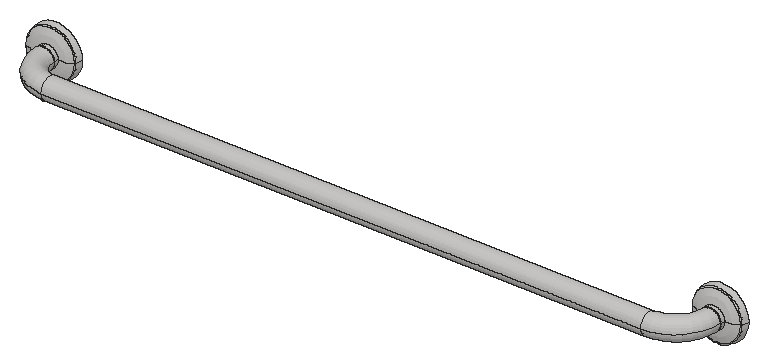
Revit family "Grab Rail_Metlam_Straight_Horizontal", category Specialty Equipment, Revit 2016
Family settings
  Part Type = Normal
  Round Connector Dimension = Use Diameter
  OmniClass Number = 23.40.20.21.47
  OmniClass Title = Bath Grab Bars
  Work Plane-Based = No
  Always vertical = Yes
  Cut with Voids When Loaded = No
  Shared = No
  Room Calculation Point = Yes
Parameters (values of type "1032long x 90d x 32h (ML334_1SS)")
  URL = "http://www.metlam.com.au/"
  Type Comments = "Grab Rails"  # constant formula
  Model = "ML334_1SS"
  Material_ANZRS = z_Metlam_Metal_Stainless Steel_Satin
  Manufacturer_URL__Product Specific = "http://www.metlam.com.au/product/content/grab-rails/ML327-ML336-Series"
  Manufacturer_Spec Code = Model  # "ML334_1SS"
  Manufacturer_Length = 1000 mm
  Manufacturer_Height From FFL [instance] = 800 mm
  Manufacturer_Height = 78 mm  # constant formula
  Manufacturer_Depth = Depth  # 90 mm
  Manufacturer = "Metlam"  # constant formula
  Length = Manufacturer_Length + 32 mm  # 1032 mm
  Keynote = ""
  Height = 32 mm  # constant formula
  Description = "Straight Grab Rail"  # constant formula
  Depth = 90 mm  # constant formula
  CreatedBy_ANZRS = "IGS BIM Solutions"  # constant formula
  CreatedByURL_ANZRS = "http://www.igsgroup.com.au/"
  Assembly Code = ""
Types (10, lengths in mm): name | Model | Manufacturer_Spec Code | Manufacturer_Length | Length
  1532long x 90d x 32h (ML336SS) | "ML336SS" | "ML336SS" | 1500 | 1532
  1232long x 90d x 32h (ML335SS) | "ML335SS" | "ML335SS" | 1200 | 1232
  1032long x 90d x 32h (ML334_1SS) | "ML334_1SS" | "ML334_1SS" | 1000 | 1032
  932long x 90d x 32h (ML333_1SS) | "ML333_1SS" | "ML333_1SS" | 900 | 932
  782long x 90d x 32h (ML332SS) | "ML332SS" | "ML332SS" | 750 | 782
  632long x 90d x 32h (ML331_1SS) | "ML331_1SS" | "ML331_1SS" | 600 | 632
  482long x 90d x 32h (ML330_1SS) | "ML330_1SS" | "ML330_1SS" | 450 | 482
  432long x 90d x 32h (ML329SS) | "ML329SS" | "ML329SS" | 400 | 432
  382long x 90d x 32h (ML328SS) | "ML328SS" | "ML328SS" | 350 | 382
  332long x 90d x 32h (ML327_1SS) | "ML327_1SS" | "ML327_1SS" | 300 | 332
Reference planes
  plane 1 "Back": y = 0
  plane 2 "Ref. Level": z = 0
  plane 3 "Left": x = 0
  plane 4 "Wall Mount_Centre (Elevation)": z = 784
  plane 5 "Front": y = -90
  plane 6 "Rail_Back": y = -58
  plane 7 "Mounting Height": z = 800
  plane 8 "Rail_Bottom": z = 768
  plane 9 "Centre (Left/Right)": x = 539
  plane 10 "Right": x = 1078
  plane 11 "Left Wall Mount_Centre (Left/Right)": x = 39
  plane 12 "Rail_Left": x = 23
  plane 13 "Rail_Inside Left": x = 55
  plane 14 "Right Wall Mount_Centre (Left/Right)": x = 1039
  plane 15 "Rail_Right": x = 1055
  plane 16 "Rail_Inside Right": x = 1023
  plane 17 "Top": z = 823
  plane 18 "Bottom": z = 745
Forms (mm)
  Sweep 1, solid, material "z_Metlam_Metal_Stainless Steel_Satin" <- "Material_ANZRS"
    path origin (0, 0, 784) x (-1, 0, 0) y (0, -1, 0)
      loop
        line (-39, 23) -> (-39, 24)
        arc (-39, 24) -> (-53.645, 59.355) -> (-89, 74) r 50
        line (-89, 74) -> (-989, 74)
        arc (-989, 74) -> (-1024.355, 59.355) -> (-1039, 24) r 50
        line (-1039, 24) -> (-1039, 23)
    profile origin (539, -74, 784) x (0, 1, 0) y (0, 0, 1)
      loop
        circle (0, 0) r 16
  Revolve 2, solid, material "z_Metlam_Metal_Stainless Steel_Satin" <- "Material_ANZRS"
    sketch origin (0, 0, 784) x (-1, 0, 0) y (0, -1, 0)
      loop
        line (-1023, 16.007) -> (-1023, 23) -> (-1039, 23) -> (-1039, 0) -> (-1000, 0) -> (-1001.813, 9.065)
        arc (-1001.813, 9.065) -> (-1002.179, 9.878) -> (-1002.862, 10.452) r 2
        arc (-1002.862, 10.452) -> (-1012.646, 14.263) -> (-1023, 16.007) r 51.397
      axis (-1039, 23) -> (-1039, 0)
    angle from 0 to 360
  Revolve 3, solid, material "z_Metlam_Metal_Stainless Steel_Satin" <- "Material_ANZRS"
    sketch origin (0, 0, 784) x (-1, 0, 0) y (0, -1, 0)
      loop
        arc (-55, 16.007) -> (-65.354, 14.263) -> (-75.138, 10.452) r 51.397
        arc (-75.138, 10.452) -> (-75.821, 9.878) -> (-76.187, 9.065) r 2
        line (-76.187, 9.065) -> (-78, 0) -> (-39, 0) -> (-39, 23) -> (-55, 23) -> (-55, 16.007)
      axis (-39, 23) -> (-39, 0)
    angle from 0 to 360
Cuts and joins
  joined: Sweep 1, Revolve 2, Revolve 3
Lines and regions (mm)
  Masking region 1
    outline origin (0, 0, 784) x (-1, 0, 0) y (0, -1, 0)
      loop
        line (-989, 58) -> (-89, 58)
        arc (-89, 58) -> (-64.958, 48.042) -> (-55, 24) r 34
        line (-55, 24) -> (-55, 16.007)
        arc (-55, 16.007) -> (-65.354, 14.263) -> (-75.138, 10.452) r 51.397
        arc (-75.138, 10.452) -> (-75.821, 9.878) -> (-76.187, 9.065) r 2
        line (-76.187, 9.065) -> (-78, 0) -> (0, 0) -> (-1.813, 9.065)
        arc (-1.813, 9.065) -> (-2.179, 9.878) -> (-2.862, 10.452) r 2
        arc (-2.862, 10.452) -> (-12.646, 14.263) -> (-23, 16.007) r 51.397
        line (-23, 16.007) -> (-23, 24)
        arc (-23, 24) -> (-42.331, 70.669) -> (-89, 90) r 66
        line (-89, 90) -> (-989, 90)
        arc (-989, 90) -> (-1035.669, 70.669) -> (-1055, 24) r 66
        line (-1055, 24) -> (-1055, 16.007)
        arc (-1055, 16.007) -> (-1065.354, 14.263) -> (-1075.138, 10.452) r 51.397
        arc (-1075.138, 10.452) -> (-1075.821, 9.878) -> (-1076.187, 9.065) r 2
        line (-1076.187, 9.065) -> (-1078, 0) -> (-1000, 0) -> (-1001.813, 9.065)
        arc (-1001.813, 9.065) -> (-1002.179, 9.878) -> (-1002.862, 10.452) r 2
        arc (-1002.862, 10.452) -> (-1012.646, 14.263) -> (-1023, 16.007) r 51.397
        line (-1023, 16.007) -> (-1023, 24)
        arc (-1023, 24) -> (-1013.042, 48.042) -> (-989, 58) r 34
  symbolic lines, style "Grab Rails", detail levels medium+fine
    curve 1: line (55, -16.031, 0) -> (23, -16.031, 0)
    curve 2: line (1055, -16.031, 0) -> (1023, -16.031, 0)
Text (mm)
  text "> Contact Manufacturer to confirm feasibility of design variations outside the scope of this Revit Family\n\n\n\nDisclaimer:\n\nDue to ongoing product development and manufacturing evolution, product details are subject to change without notice. Please refer to product technical data sheets on the manufacturer’s website for the most current product information. Please allow a +/- 5mm manufacturing tolerance for dimensions and set-outs shown in product literature." at (1741.403, 322.332, 0), in view "Ref. Level_Instruction"
Dimensions and locks
  "Manufacturer_Height From FFL": plane 7 "Mounting Height" to plane 2 "Ref. Level"
  "Manufacturer_Depth": plane 5 "Front" to plane 1 "Back"
  locked: plane 6 "Rail_Back" to plane 5 "Front" at 32
  "Manufacturer_Length": plane 11 "Left Wall Mount_Centre (Left/Right)" to plane 14 "Right Wall Mount_Centre (Left/Right)"
  "Length": plane 12 "Rail_Left" to plane 15 "Rail_Right"
  equal spacing: plane 11 "Left Wall Mount_Centre (Left/Right)", plane 9 "Centre (Left/Right)", plane 14 "Right Wall Mount_Centre (Left/Right)"
  locked: plane 11 "Left Wall Mount_Centre (Left/Right)" to plane 13 "Rail_Inside Left" at 16
  locked: plane 12 "Rail_Left" to plane 11 "Left Wall Mount_Centre (Left/Right)" at 16
  locked: plane 3 "Left" to plane 12 "Rail_Left" at 23
  locked: plane 16 "Rail_Inside Right" to plane 14 "Right Wall Mount_Centre (Left/Right)" at 16
  locked: plane 15 "Rail_Right" to plane 10 "Right" at 23
  plane 14 "Right Wall Mount_Centre (Left/Right)" to plane 15 "Rail_Right" = 16 mm
  "Manufacturer_Height": plane 17 "Top" to plane 18 "Bottom"
  "Height": plane 7 "Mounting Height" to plane 8 "Rail_Bottom"
  locked: plane 8 "Rail_Bottom" to plane 18 "Bottom" at 23
  locked: plane 4 "Wall Mount_Centre (Elevation)" to plane 8 "Rail_Bottom" at 16
  radius of Revolve 2 sketch curve = 2 mm
  radius of Revolve 3 sketch curve = 2 mm
  aligned and locked: level to plane 2 "Ref. Level"
Automatic sketch dimensions
  curve 1 to plane 12 "Rail_Left" = 0 mm
  curve 1 to plane 13 "Rail_Inside Left" = 0 mm
  curve 2 to plane 16 "Rail_Inside Right" = 0 mm
  curve 2 to plane 15 "Rail_Right" = 0 mm
  plane 1 "Back" to curve 1 = 16.031 mm
  plane 1 "Back" to curve 2 = 16.031 mm
  Sweep 1 sketch curve to profile plane = 0 mm  (x2)
  Masking region 1 sketch curve to Masking region 1 sketch curve = 0 mm  (x6)
  plane 1 "Back" to Masking region 1 sketch curve = 0 mm  (x2)
  Masking region 1 sketch curve to plane 10 "Right" = 0 mm
  Masking region 1 sketch curve to plane 15 "Rail_Right" = 0 mm
  Masking region 1 sketch curve to plane 16 "Rail_Inside Right" = 0 mm
  Masking region 1 sketch curve to plane 5 "Front" = 0 mm
  Masking region 1 sketch curve to plane 13 "Rail_Inside Left" = 0 mm
  Masking region 1 sketch curve to plane 3 "Left" = 0 mm
  Masking region 1 sketch curve to plane 10 "Right" = 1.813 mm
  Masking region 1 sketch curve to Masking region 1 sketch curve = 1.961 mm  (x3)
  plane 15 "Rail_Right" to Masking region 1 sketch curve = 3.311 mm
  Masking region 1 sketch curve to plane 16 "Rail_Inside Right" = 3.311 mm
  plane 1 "Back" to Masking region 1 sketch curve = 8.672 mm  (x3)
  plane 16 "Rail_Inside Right" to Masking region 1 sketch curve = 19.226 mm
  plane 1 "Back" to Masking region 1 sketch curve = 9.065 mm  (x2)
  Masking region 1 sketch curve to Masking region 1 sketch curve = 1.813 mm  (x2)
  Masking region 1 sketch curve to Masking region 1 sketch curve = 12.813 mm
  plane 13 "Rail_Inside Left" to Masking region 1 sketch curve = 34 mm
  plane 13 "Rail_Inside Left" to Masking region 1 sketch curve = 23 mm
  Masking region 1 sketch curve to plane 13 "Rail_Inside Left" = 3.311 mm
  plane 12 "Rail_Left" to Masking region 1 sketch curve = 3.311 mm
  plane 3 "Left" to Masking region 1 sketch curve = 3.774 mm
  plane 3 "Left" to Masking region 1 sketch curve = 1.813 mm
  Masking region 1 sketch curve to plane 1 "Back" = 35.283 mm  (x2)
  Masking region 1 sketch curve to Masking region 1 sketch curve = 0.392 mm  (x3)
  Masking region 1 sketch curve to Masking region 1 sketch curve = 7.993 mm  (x4)
  Revolve 2 sketch curve to plane 14 "Right Wall Mount_Centre (Left/Right)" = 0 mm  (x2)
  plane 1 "Back" to Revolve 2 sketch curve = 0 mm
  Revolve 2 sketch curve to plane 16 "Rail_Inside Right" = 0 mm
  Revolve 2 sketch curve to plane 16 "Rail_Inside Right" = 3.311 mm
  plane 1 "Back" to Revolve 2 sketch curve = 8.672 mm
  plane 16 "Rail_Inside Right" to Revolve 2 sketch curve = 19.226 mm
  plane 1 "Back" to Revolve 2 sketch curve = 9.065 mm
  Revolve 2 sketch curve to Revolve 2 sketch curve = 1.813 mm
  Revolve 2 sketch curve to plane 1 "Back" = 35.283 mm
  plane 1 "Back" to Revolve 2 sketch curve = 16.007 mm
  Revolve 2 sketch curve to Revolve 2 sketch curve = 6.993 mm
  Revolve 2 sketch curve to Revolve 2 sketch curve = 4.717 mm
  plane 1 "Back" to Revolve 2 sketch curve = 10 mm
  Sweep 1 sketch curve to plane 14 "Right Wall Mount_Centre (Left/Right)" = 0 mm
  Sweep 1 sketch curve to plane 11 "Left Wall Mount_Centre (Left/Right)" = 0 mm
  plane 5 "Front" to Sweep 1 sketch curve = 16 mm
  plane 16 "Rail_Inside Right" to Sweep 1 sketch curve = 34 mm
  plane 13 "Rail_Inside Left" to Sweep 1 sketch curve = 34 mm
  Sweep 1 sketch curve to Sweep 1 sketch curve = 1 mm  (x2)
  plane 1 "Back" to Revolve 3 sketch curve = 0 mm
  Revolve 3 sketch curve to plane 13 "Rail_Inside Left" = 0 mm
  Revolve 3 sketch curve to plane 11 "Left Wall Mount_Centre (Left/Right)" = 0 mm  (x2)
  plane 1 "Back" to Revolve 3 sketch curve = 8.672 mm
  plane 13 "Rail_Inside Left" to Revolve 3 sketch curve = 19.226 mm
  plane 1 "Back" to Revolve 3 sketch curve = 9.065 mm
  Revolve 3 sketch curve to Revolve 3 sketch curve = 1.813 mm
  Revolve 3 sketch curve to plane 13 "Rail_Inside Left" = 3.311 mm
  Revolve 3 sketch curve to plane 1 "Back" = 35.283 mm
  plane 1 "Back" to Revolve 3 sketch curve = 16.007 mm
  Revolve 3 sketch curve to Revolve 3 sketch curve = 6.993 mm
  Revolve 3 sketch curve to Revolve 3 sketch curve = 4.717 mm
  plane 1 "Back" to Revolve 3 sketch curve = 10 mm
  radius of Sweep 1 sketch curve = 16 mm
